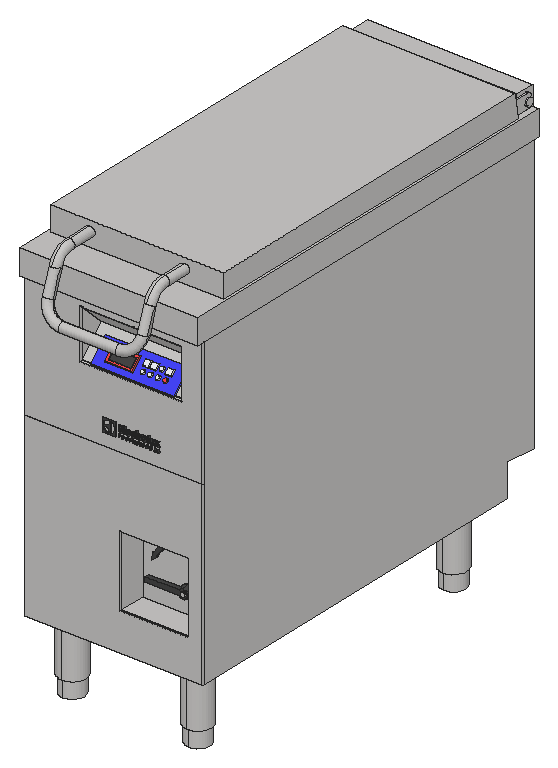
Revit family "QF_ELECTROLUXPROFESSIONAL_391350_E9PCEDRMC2", category Specialty Equipment, Revit 2018
Family settings
  Round Connector Dimension = Use Diameter
  Part Type = Normal
  Work Plane-Based = No
  Always vertical = Yes
  Cut with Voids When Loaded = No
  Shared = No
  Room Calculation Point = No
Parameters
  Weight = 55.00 kg
  Watts = 0 W
  Volts = 0 V
  URL Manufacturer = ""
  URL = ""
  Steam Supply Size = 0 mm
  Steam Supply Minimum Pressure = 0.0 Pa
  Steam Supply Maximum Pressure = 0.0 Pa
  Steam Pounds per Hour = 0
  Refrigeration Suction Line Size = 0 mm
  Refrigeration Liquid Line Size = 0 mm
  Refrigerant Compressor Remote = yes
  Manufacturer = ""
  Phase = 0
  Model = ""
  Length Actual = 375 mm  # constant formula
  Item Number = ""
  Hot Water Size = 0 mm
  Height Actual = 850 mm  # constant formula
  HP = "6.7 HP"
  Gas Size = 0 mm
  Gas KW = 0
  Gas Input Pressure = 0 W
  Direct Waste Size = 19.05 mm
  Description = ""
  Depth Actual = 910 mm  # constant formula
  Cycle = 0 Hz
  Condensate Return Size = 0 mm
  Compressed Air Volume = 0.0 L/s
  Compressed Air Size = 0 mm
  Compressed Air Pressure = 0.0 Pa
  Cold Water Size = 0 mm
  Accessory = yes
Reference planes
  plane 1 "Center (Front/Back)": y = 137.5
  plane 2: z = 0
  plane 3 "Center (Left/Right)": x = 0
  plane 4 "TOP": z = 901
  plane 5 "FRONT": y = -312.5
  plane 6 "BACK": y = 587.5
  plane 7 "LEFT": x = -187.5
  plane 8 "RIGHT": x = 187.5
  plane 9 "FEET": z = 150
  plane 10: y = -247.5
  plane 11 "DrainX": y = -135.5
  plane 12 "FbY": y = 431.5
  plane 13 "FfY": y = -242.5
  plane 14 "FLr": x = 132.5
  plane 15 "FLx": x = -132.5
  plane 16 "PLAN": z = 850
  plane 17 "DrainY": x = 52.5
  plane 18 "C1": x = -100
  plane 19 "C2": x = 100
  plane 20 "MAN": through (0, -359.5, 765.7) normal (0, 0.9397, -0.342)
  plane 21 "BOX": y = -240
  plane 22 "EIy": x = -52.5
  plane 23 "CWIy": x = 52.5
  plane 24 "EIz": z = 178
  plane 25: z = 1749
  plane 26 "PANEL": through (0, -300, 671.172) normal (0, 0.7071, -0.7071)
Forms (mm)
  Extrusion 1, solid, material "QF_Finishes_Stainless Steel"
    sketch origin (33, 0, 150) x (-1, 0, 0) y (0, -1, 0)
      loop
        circle (33, 135.5) r 9.525
    from -2 to 0
  Extrusion 2, solid, material "QF_Finishes_Stainless Steel"
    sketch origin (0, 0, 0) x (0, 1, 0) y (-1, 0, 0)
      loop
        circle (431.5, -132.5) r 25
      loop
        circle (-242.5, -132.5) r 25
      loop
        circle (-242.5, 132.5) r 25
      loop
        circle (431.5, 132.5) r 25
    from 34.992 to 0
  Extrusion 3, solid, material "QF_Finishes_Stainless Steel"
    sketch origin (0, 0, 0) x (0, 1, 0) y (-1, 0, 0)
      loop
        circle (431.5, -132.5) r 28.5
      loop
        circle (-242.5, -132.5) r 28.5
      loop
        circle (-242.5, 132.5) r 28.5
      loop
        circle (431.5, 132.5) r 28.5
    from 34.992 to 150
  Extrusion 4, solid, material "QF_Finishes_Black"
    sketch origin (-99.821, -312.5, 204.426) x (-1, 0, 0) y (0, 0, 1)
      loop
        arc (-95.224, 378.018) -> (-104.404, 365.602) -> (-95.224, 353.185) r 12.987
        line (-95.224, 353.185) -> (-95.224, 378.018)
      loop
        line (-94.268, 378.098) -> (-94.268, 376.124)
        arc (-94.268, 376.124) -> (-90.851, 369.664) -> (-84.269, 366.489) r 11.707
        line (-84.269, 366.489) -> (-78.669, 366.489)
        arc (-78.669, 366.489) -> (-83.8, 375.879) -> (-94.268, 378.098) r 12.809
      loop
        line (-93.961, 354.984) -> (-93.961, 352.866)
        arc (-93.961, 352.866) -> (-83.625, 355.456) -> (-78.658, 364.882) r 13.06
        line (-78.658, 364.882) -> (-82.766, 364.882)
        arc (-82.766, 364.882) -> (-90.106, 361.903) -> (-93.961, 354.984) r 11.93
      loop
        line (-77.715, 379.374) -> (-105.353, 379.374) -> (-105.353, 351.774) -> (-77.715, 351.774) -> (-77.715, 379.374)
    from 10.9 to 12.5
  Extrusion 5, solid, material "QF_Finishes_Black"
    sketch origin (102.623, -312.5, 210.245) x (-1, 0, 0) y (0, 0, 1)
      loop
        line (81.784, 371.728) -> (81.784, 369.516) -> (87.894, 369.516) -> (87.894, 366.286) -> (82.149, 366.286) -> (82.149, 364.068) -> (87.894, 364.068) -> (87.894, 362.114)
        arc (87.894, 362.114) -> (87.296, 360.758) -> (85.892, 360.284) r 1.838
        line (85.892, 360.284) -> (81.62, 360.284) -> (81.62, 358.073) -> (86.443, 358.073)
        arc (86.443, 358.073) -> (89.131, 359.187) -> (90.245, 361.875) r 3.802
        line (90.245, 361.875) -> (90.245, 371.728) -> (81.784, 371.728)
      loop
        line (79.949, 371.728) -> (77.598, 371.728) -> (77.598, 358.073) -> (79.949, 358.073) -> (79.949, 371.728)
      loop
        line (28.869, 371.728) -> (26.516, 371.728) -> (26.516, 358.073) -> (28.869, 358.073) -> (28.869, 371.728)
      loop
        arc (73.708, 362.434) -> (73.264, 360.942) -> (71.968, 360.079) r 2.29
        arc (71.968, 360.079) -> (69.843, 359.894) -> (68.014, 360.992) r 3.458
        line (68.014, 360.992) -> (66.621, 359.598)
        arc (66.621, 359.598) -> (68.772, 358.15) -> (71.338, 357.772) r 5.86
        arc (71.338, 357.772) -> (74.634, 359.137) -> (76, 362.434) r 4.662
        arc (76, 362.434) -> (74.962, 366.376) -> (71.326, 368.22) r 4.976
        arc (71.326, 368.22) -> (67.198, 366.674) -> (65.991, 362.434) r 4.89
        line (65.991, 362.434) -> (73.708, 362.434)
      loop
        arc (73.649, 364.087) -> (72.614, 365.736) -> (70.73, 366.227) r 2.64
        arc (70.73, 366.227) -> (69.097, 365.651) -> (68.353, 364.087) r 2.256
        line (68.353, 364.087) -> (73.649, 364.087)
      loop
        arc (56.823, 365.072) -> (58.716, 366.107) -> (60.848, 365.782) r 3.369
        arc (60.848, 365.782) -> (62.181, 364.369) -> (62.339, 362.434) r 2.933
        arc (62.339, 362.434) -> (60.068, 359.986) -> (56.898, 361.035) r 3.088
        line (56.898, 361.035) -> (55.429, 359.566)
        arc (55.429, 359.566) -> (61.646, 358.281) -> (64.682, 363.856) r 5.33
        arc (64.682, 363.856) -> (62.881, 367.035) -> (59.448, 368.289) r 5.293
        arc (59.448, 368.289) -> (57.198, 367.889) -> (55.346, 366.548) r 5.117
        line (55.346, 366.548) -> (56.823, 365.072)
      loop
        line (53.902, 371.728) -> (51.549, 371.728) -> (51.549, 367.949) -> (49.413, 367.949) -> (49.413, 365.812) -> (51.549, 365.812) -> (51.549, 362.434)
        arc (51.549, 362.434) -> (51.347, 361.352) -> (50.591, 360.553) r 1.949
        arc (50.591, 360.553) -> (50.002, 360.319) -> (49.369, 360.271) r 2.118
        line (49.369, 360.271) -> (49.369, 358.067)
        arc (49.369, 358.067) -> (51.495, 358.348) -> (53.174, 359.682) r 4.018
        arc (53.174, 359.682) -> (53.698, 360.997) -> (53.902, 362.397) r 6.031
        line (53.902, 362.397) -> (53.902, 371.728)
      loop
        line (45.102, 363.264) -> (45.102, 358.073) -> (47.434, 358.073) -> (47.434, 367.949) -> (45.102, 367.949) -> (45.102, 366.525)
        arc (45.102, 366.525) -> (43.525, 367.878) -> (41.456, 368.073) r 3.432
        line (41.456, 368.073) -> (41.456, 365.812)
        arc (41.456, 365.812) -> (43.04, 365.845) -> (44.448, 365.122) r 3.231
        arc (44.448, 365.122) -> (44.934, 364.249) -> (45.102, 363.264) r 2.967
      loop
        circle (35.705, 363.009) r 5.233
      loop
        circle (35.705, 363.009) r 3.172
      loop
        line (18.033, 362.186) -> (18.033, 367.949) -> (15.663, 367.949) -> (15.663, 362.087)
        arc (15.663, 362.087) -> (16.976, 358.946) -> (20.19, 357.823) r 4.181
        arc (20.19, 357.823) -> (23.368, 358.913) -> (24.717, 361.99) r 4.181
        line (24.717, 361.99) -> (24.717, 367.949) -> (22.346, 367.949) -> (22.346, 362.186)
        arc (22.346, 362.186) -> (21.765, 360.589) -> (20.19, 359.953) r 2.088
        arc (20.19, 359.953) -> (18.614, 360.589) -> (18.033, 362.186) r 2.088
      loop
        line (14.241, 367.949) -> (11.697, 367.949) -> (9.567, 365.017) -> (7.404, 367.949) -> (4.836, 367.949) -> (8.219, 363.365) -> (4.52, 358.07) -> (7.032, 358.07) -> (9.559, 361.549) -> (12.05, 358.07) -> (14.578, 358.07) -> (10.826, 363.312) -> (14.241, 367.949)
      loop
        arc (88.922, 352.413) -> (87.368, 350.995) -> (88.637, 349.317) r 1.561
        line (88.637, 349.317) -> (89.771, 349.317) -> (89.771, 347.69) -> (90.797, 347.69) -> (90.797, 352.413) -> (88.922, 352.413)
      loop
        line (88.681, 350.245) -> (89.771, 350.245) -> (89.771, 351.459) -> (88.681, 351.459)
        arc (88.681, 351.459) -> (88.293, 350.852) -> (88.681, 350.245) r 0.668
      loop
        arc (81.512, 352.413) -> (80.423, 351.969) -> (79.954, 350.891) r 1.559
        arc (79.954, 350.891) -> (80.103, 350.213) -> (80.548, 349.682) r 1.458
        line (80.548, 349.682) -> (79.62, 347.69) -> (80.722, 347.69) -> (81.401, 349.317) -> (82.394, 349.317) -> (82.394, 347.69) -> (83.42, 347.69) -> (83.42, 352.413) -> (81.512, 352.413)
      loop
        line (82.394, 351.459) -> (81.304, 351.459)
        arc (81.304, 351.459) -> (80.916, 350.852) -> (81.304, 350.245) r 0.668
        line (81.304, 350.245) -> (82.394, 350.245) -> (82.394, 351.459)
      loop
        circle (73.591, 350.052) r 2.453
      loop
        circle (73.591, 350.052) r 1.557
      loop
        line (67.107, 352.413) -> (64.158, 352.413) -> (64.158, 351.395) -> (66.105, 351.395) -> (66.105, 350.399) -> (64.328, 350.399) -> (64.328, 349.341) -> (66.105, 349.341) -> (66.105, 347.69) -> (67.107, 347.69) -> (67.107, 352.413)
      loop
        line (60.175, 352.413) -> (57.187, 352.413) -> (57.187, 351.521) -> (59.205, 351.521) -> (59.205, 350.591) -> (57.318, 350.591) -> (57.318, 349.699) -> (59.205, 349.699)
        arc (59.205, 349.699) -> (59.102, 349.022) -> (58.574, 348.586) r 0.961
        line (58.574, 348.586) -> (57.141, 348.586) -> (57.141, 347.694) -> (58.665, 347.694)
        arc (58.665, 347.694) -> (59.74, 348.144) -> (60.175, 349.224) r 1.51
        line (60.175, 349.224) -> (60.175, 352.413)
      loop
        line (43.076, 351.815) -> (43.615, 351.106)
        arc (43.615, 351.106) -> (44.027, 351.472) -> (44.562, 351.601) r 1.135
        arc (44.562, 351.601) -> (45.009, 351.244) -> (44.7, 350.763) r 0.427
        arc (44.7, 350.763) -> (44.164, 350.562) -> (43.642, 350.329) r 9.371
        arc (43.642, 350.329) -> (43.229, 350.06) -> (42.907, 349.687) r 1.779
        arc (42.907, 349.687) -> (42.757, 348.879) -> (43.047, 348.109) r 1.535
        arc (43.047, 348.109) -> (43.702, 347.761) -> (44.429, 347.616) r 2.556
        arc (44.429, 347.616) -> (45.018, 347.675) -> (45.562, 347.907) r 1.957
        arc (45.562, 347.907) -> (46.041, 348.341) -> (46.339, 348.915) r 1.815
        line (46.339, 348.915) -> (45.513, 349.3)
        arc (45.513, 349.3) -> (45.278, 348.889) -> (44.894, 348.613) r 1.118
        arc (44.894, 348.613) -> (44.45, 348.5) -> (44.004, 348.605) r 0.963
        arc (44.004, 348.605) -> (43.764, 349.087) -> (44.112, 349.498) r 0.489
        arc (44.112, 349.498) -> (44.664, 349.765) -> (45.246, 349.959) r 4.78
        arc (45.246, 349.959) -> (45.937, 350.786) -> (45.826, 351.858) r 1.385
        arc (45.826, 351.858) -> (45.225, 352.312) -> (44.493, 352.491) r 1.872
        arc (44.493, 352.491) -> (43.701, 352.328) -> (43.076, 351.815) r 1.69
      loop
        line (38.743, 352.413) -> (37.773, 352.413) -> (37.773, 347.694) -> (38.743, 347.694) -> (38.743, 352.413)
      loop
        circle (31.231, 350.053) r 1.468
      loop
        circle (31.231, 350.053) r 2.451
      loop
        line (24.722, 347.694) -> (24.722, 352.413) -> (23.778, 352.413) -> (21.619, 349.356) -> (21.619, 352.413) -> (20.639, 352.413) -> (20.639, 347.694) -> (21.582, 347.694) -> (23.741, 350.661) -> (23.741, 347.694) -> (24.722, 347.694)
      loop
        line (15.747, 347.694) -> (16.789, 347.694) -> (14.943, 352.413) -> (14.033, 352.413) -> (12.04, 347.694) -> (13.083, 347.694) -> (13.542, 348.712) -> (15.288, 348.712) -> (15.747, 347.694)
      loop
        line (13.977, 349.68) -> (14.899, 349.68) -> (14.445, 350.717) -> (13.977, 349.68)
      loop
        line (7.22, 348.586) -> (5.406, 348.586) -> (5.406, 347.694) -> (8.191, 347.694) -> (8.191, 352.413) -> (7.22, 352.413) -> (7.22, 348.586)
      loop
        line (50.15, 351.815) -> (50.689, 351.106)
        arc (50.689, 351.106) -> (51.101, 351.472) -> (51.637, 351.601) r 1.135
        arc (51.637, 351.601) -> (52.084, 351.244) -> (51.774, 350.763) r 0.427
        arc (51.774, 350.763) -> (51.239, 350.562) -> (50.717, 350.329) r 9.371
        arc (50.717, 350.329) -> (50.304, 350.06) -> (49.981, 349.687) r 1.779
        arc (49.981, 349.687) -> (49.832, 348.879) -> (50.121, 348.109) r 1.535
        arc (50.121, 348.109) -> (50.776, 347.761) -> (51.504, 347.616) r 2.556
        arc (51.504, 347.616) -> (52.092, 347.675) -> (52.636, 347.907) r 1.957
        arc (52.636, 347.907) -> (53.116, 348.341) -> (53.413, 348.915) r 1.815
        line (53.413, 348.915) -> (52.587, 349.3)
        arc (52.587, 349.3) -> (52.352, 348.889) -> (51.969, 348.613) r 1.118
        arc (51.969, 348.613) -> (51.525, 348.5) -> (51.078, 348.605) r 0.963
        arc (51.078, 348.605) -> (50.838, 349.087) -> (51.187, 349.498) r 0.489
        arc (51.187, 349.498) -> (51.739, 349.765) -> (52.32, 349.959) r 4.78
        arc (52.32, 349.959) -> (53.012, 350.786) -> (52.901, 351.858) r 1.385
        arc (52.901, 351.858) -> (52.299, 352.312) -> (51.568, 352.491) r 1.872
        arc (51.568, 352.491) -> (50.776, 352.328) -> (50.15, 351.815) r 1.69
    from 12.5 to 10.9
  Extrusion 6, solid, material "QF_Finishes_Stainless Steel"
    sketch origin (80, 587.5, -167) x (-1, 0, 0) y (0, 0, 1)
      loop
        circle (132.5, 345) r 10
    from -81.229 to -85
  Extrusion 7, solid, material "QF_Finishes_Stainless Steel"
    sketch origin (0, 0, 0) x (0, 1, 0) y (0, 0, 1)
      loop
        line (574.512, 797.7) -> (-297, 797.7) -> (-297, 150) -> (502.5, 150) -> (502.5, 220.528) -> (574.512, 213.385) -> (574.512, 797.7)
    from 187.5 to -187.5
  Extrusion 8, solid, material "QF_Finishes_Stainless Steel"
    sketch origin (0, 0, 0) x (0, 1, 0) y (0, 0, 1)
      loop
        line (587.5, 797.7) -> (587.5, 850) -> (-312.5, 850) -> (-312.5, 797.7) -> (587.5, 797.7)
    from -187.5 to 187.5
  Extrusion 9, solid, material "QF_Finishes_Stainless Steel"
    sketch origin (0, 0, 0) x (0, 1, 0) y (0, 0, 1)
      loop
        line (540.352, 850) -> (531.359, 901) -> (-237.5, 901) -> (-237.5, 850) -> (540.352, 850)
    from -182 to 182
  Extrusion 10, solid, material "QF_Finishes_Stainless Steel"
    sketch origin (0, 0, 0) x (0, 1, 0) y (0, 0, 1)
      loop
        line (-297, 530) -> (-300, 530) -> (-300, 150) -> (-297, 150) -> (-297, 530)
    from 187.5 to -187.5
  Extrusion 11, solid, material "QF_Finishes_Stainless Steel"
    sketch origin (0, 0, 0) x (0, 1, 0) y (0, 0, 1)
      loop
        line (-297, 530) -> (-297, 797.7) -> (-300, 797.7) -> (-300, 530) -> (-297, 530)
    from 187.5 to -187.5
  Sweep 12, solid, material "QF_Finishes_Stainless Steel"
    path origin (-100, 0, 0) x (0, 0, -1) y (0, -1, 0)
      loop
        line (-879.2, 237.5) -> (-879.2, 290.181)
        arc (-879.2, 290.181) -> (-871.966, 313.124) -> (-852.881, 327.769) r 40
    profile origin (-100, -263.841, 879.2) x (0, 0, 1) y (-1, 0, 0)
      loop
        circle (0, 0) r 10
  Sweep 13, solid, material "QF_Finishes_Stainless Steel"
    path origin (100, 0, 0) x (0, 0, -1) y (0, -1, 0)
      loop
        line (-879.2, 237.5) -> (-879.2, 290.181)
        arc (-879.2, 290.181) -> (-871.948, 313.15) -> (-852.821, 327.791) r 40
    profile origin (100, -263.841, 879.2) x (0, 0, 1) y (-1, 0, 0)
      loop
        circle (0, 0) r 10
  Sweep 14, solid, material "QF_Finishes_Stainless Steel"
    path origin (0, -549.934, 242.488) x (0, -0.34202, -0.939693) y (-1, 0, 0)
      loop
        line (-649.487, -100) -> (-596.566, -100)
        arc (-596.566, -100) -> (-568.282, -88.284) -> (-556.566, -60) r 40
        line (-556.566, -60) -> (-556.566, 60)
        arc (-556.566, 60) -> (-568.282, 88.284) -> (-596.566, 100) r 40
        line (-596.566, 100) -> (-649.567, 100)
    profile origin (0, -359.577, 765.489) x (0, 0.34202, 0.939693) y (0, 0.939693, -0.34202)
      loop
        circle (0, 0) r 10
  Extrusion 15, void
    sketch origin (0, 0, 0) x (0, 1, 0) y (0, 0, 1)
      loop
        line (-300, 777.172) -> (-300, 671.172) -> (-247, 724.172) -> (-300, 777.172)
    from -70 to 145
  Extrusion 16, void
    sketch origin (0, 0, 0) x (0, 1, 0) y (0, 0, 1)
      loop
        line (-240, 230) -> (-240, 380) -> (-300, 380) -> (-300, 230) -> (-240, 230)
    from 14 to 158
  Blend 17, solid, material "QF_Finishes_Black"
    base sketch origin (0, -240, 0) x (0, 0, 1) y (-1, 0, 0)
      loop
        circle (278, -114) r 12.025
    top sketch origin (0, -240, 0) x (0, 0, 1) y (-1, 0, 0)
      loop
        circle (278, -114) r 9.25
    from 7.5 to 18.63
  Extrusion 18, solid, material "QF_Finishes_Black"
    sketch origin (0, -240, 0) x (0, 0, 1) y (-1, 0, 0)
      loop
        line (272, -106.648) -> (284, -106.648) -> (282.724, -33.539) -> (273.276, -33.539) -> (272, -106.648)
    from 18.63 to 9.692
  Extrusion 19, solid, material "QF_Finishes_Black"
    sketch origin (0, -240, 0) x (0, 0, 1) y (-1, 0, 0)
      loop
        arc (287.874, -123.875) -> (290, -114) -> (287.874, -104.125) r 24
        arc (287.874, -104.125) -> (278, -102) -> (268.126, -104.125) r 24
        arc (268.126, -104.125) -> (266, -114) -> (268.126, -123.875) r 24
        arc (268.126, -123.875) -> (278, -126) -> (287.874, -123.875) r 24
    from 0 to 7.5
  Extrusion 20, solid, material "QF_Finishes_Stainless Steel"
    sketch origin (0, -240, 0) x (0, 0, 1) y (-1, 0, 0)
      loop
        circle (278, -114) r 5
    from 19.512 to 18.63
  Extrusion 21, solid, material "QF_Finishes_Black"
    sketch origin (0, -240, 0) x (0, 0, 1) y (-1, 0, 0)
      loop
        line (343.532, -68.114) -> (341.894, -69.261) -> (353.826, -77.855) -> (351.724, -62.378) -> (350.086, -63.525)
        arc (350.086, -63.525) -> (337.452, -49.12) -> (322, -37.79) r 88
        line (322, -37.79) -> (323, -36.058) -> (307.399, -35.313) -> (317, -46.45) -> (318, -44.718)
        arc (318, -44.718) -> (332.047, -55.018) -> (343.532, -68.114) r 80
    from 2 to 0
  Extrusion 22, solid, material "QF_Finishes_Stainless Steel"
    sketch origin (0, 0, 0) x (0, 1, 0) y (0, 0, 1)
      loop
        line (587.5, 890.2) -> (547.5, 890.2) -> (547.5, 850) -> (587.5, 850) -> (587.5, 890.2)
    from 174 to -174
  Extrusion 23, solid, material "QF_Finishes_Stainless Steel"
    sketch origin (0, 0, 0) x (0, 1, 0) y (0, 0, 1)
      loop
        line (567.695, 885.2) -> (534.145, 885.2) -> (539.461, 855.052) -> (567.701, 855.2)
        arc (567.701, 855.2) -> (572.559, 856.849) -> (575.417, 861.109) r 8
        line (575.417, 861.109) -> (576.149, 863.841) -> (573.793, 865.1)
        arc (573.793, 865.1) -> (559.4, 870.2) -> (573.793, 875.3) r 8.1
        line (573.793, 875.3) -> (576.149, 876.559) -> (575.417, 879.291)
        arc (575.417, 879.291) -> (572.557, 883.553) -> (567.695, 885.2) r 8
    from 180 to 175.8
  Extrusion 24, solid, material "QF_Finishes_Stainless Steel"
    sketch origin (0, 0, 0) x (0, 1, 0) y (0, 0, 1)
      loop
        circle (567.5, 870.2) r 8.1
    from 174 to 185
  Extrusion 25, solid, material "QF_Finishes_Stainless Steel"
    sketch origin (0, 0, 0) x (0, 1, 0) y (0, 0, 1)
      loop
        line (567.695, 885.2) -> (534.145, 885.2) -> (539.461, 855.052) -> (567.701, 855.2)
        arc (567.701, 855.2) -> (572.559, 856.849) -> (575.417, 861.109) r 8
        line (575.417, 861.109) -> (576.149, 863.841) -> (573.793, 865.1)
        arc (573.793, 865.1) -> (559.4, 870.2) -> (573.793, 875.3) r 8.1
        line (573.793, 875.3) -> (576.149, 876.559) -> (575.417, 879.291)
        arc (575.417, 879.291) -> (572.557, 883.553) -> (567.695, 885.2) r 8
    from -180 to -175.8
  Extrusion 26, solid, material "QF_Finishes_Stainless Steel"
    sketch origin (0, 0, 0) x (0, 1, 0) y (0, 0, 1)
      loop
        circle (567.5, 870.2) r 8.1
    from -174 to -185
  Extrusion 27, solid, material "QF_Finishes_Stainless Steel"
    sketch origin (0, 587.5, 0) x (-1, 0, 0) y (0, 0, 1)
      loop
        circle (-52.5, 178) r 9.55
    from -85 to -79.048
  Extrusion 28, solid, material "QF_Door-Drawer Clearances", detail levels coarse
    sketch origin (0, -419.929, 1193.139) x (0, 0.258819, -0.965926) y (0, 0.965926, 0.258819)
      loop
        line (540.352, 850) -> (531.359, 901) -> (-237.5, 901) -> (-237.5, 850) -> (540.352, 850)
    from -182 to 182
  Sweep 29, solid, material "QF_Door-Drawer Clearances", detail levels coarse
    path origin (-100, -419.929, 1193.139) x (0, -0.965926, -0.258819) y (0, -0.258819, 0.965926)
      loop
        line (-879.2, 237.5) -> (-879.2, 290.181)
        arc (-879.2, 290.181) -> (-871.966, 313.124) -> (-852.881, 327.769) r 40
    profile origin (-100, 361.027, 1675.543) x (0, 0.965926, 0.258819) y (-1, 0, 0)
      loop
        circle (0, 0) r 10
  Sweep 30, solid, material "QF_Door-Drawer Clearances", detail levels coarse
    path origin (0, -328.036, 1787.094) x (0, -0.996195, 0.087155) y (-1, 0, 0)
      loop
        line (-649.487, -100) -> (-596.566, -100)
        arc (-596.566, -100) -> (-568.282, -88.284) -> (-556.566, -60) r 40
        line (-556.566, -60) -> (-556.566, 60)
        arc (-556.566, 60) -> (-568.282, 88.284) -> (-596.566, 100) r 40
        line (-596.566, 100) -> (-649.567, 100)
    profile origin (0, 226.412, 1738.586) x (0, 0.996195, -0.087155) y (0, -0.087155, -0.996195)
      loop
        circle (0, 0) r 10
  Sweep 31, solid, material "QF_Door-Drawer Clearances", detail levels coarse
    path origin (100, -419.929, 1193.139) x (0, -0.965926, -0.258819) y (0, -0.258819, 0.965926)
      loop
        line (-879.2, 237.5) -> (-879.2, 290.181)
        arc (-879.2, 290.181) -> (-871.966, 313.124) -> (-852.881, 327.769) r 40
    profile origin (100, 361.027, 1675.543) x (0, 0.965926, 0.258819) y (-1, 0, 0)
      loop
        circle (0, 0) r 10
Cuts and joins
  Extrusion 15, Extrusion 16 cuts Extrusion 7
  Extrusion 15 cuts Extrusion 11
  Extrusion 16 cuts Extrusion 10
  joined: Blend 17, Extrusion 18
Lines and regions (mm)
  symbolic lines, detail levels coarse
    curve 1: line (187.5, 587.5, 0) -> (-187.5, 587.5, 0)
    curve 2: line (-187.5, 587.5, 0) -> (-187.5, -312.5, 0)
    curve 3: line (187.5, -312.5, 0) -> (187.5, 587.5, 0)
    curve 4: line (182, -237.5, 0) -> (182, 540.352, 0)
    curve 5: line (-182, 540.352, 0) -> (-182, -237.5, 0)
    curve 6: line (-187.5, -312.5, 0) -> (-110, -312.5, 0)
    curve 7: line (-110, -237.5, 0) -> (-110, -346.536, 0)
    curve 8: line (-90, -237.5, 0) -> (-90, -343.828, 0)
    curve 9: line (-59.839, -349.653, 0) -> (59.839, -349.653, 0)
    curve 10: line (-59.839, -369.653, 0) -> (59.839, -369.653, 0)
    curve 11: line (110, -237.5, 0) -> (110, -346.536, 0)
    curve 12: line (90, -237.5, 0) -> (90, -343.828, 0)
    curve 13: arc (-59.839, -349.653, 0) -> (-75.198, -348.183, 0) -> (-90, -343.828, 0) r 81.001
    curve 14: arc (-59.839, -369.653, 0) -> (-82.339, -366.89, 0) -> (-103.502, -358.767, 0) r 93.005
    curve 15: arc (-103.502, -358.767, 0) -> (-108.275, -353.461, 0) -> (-110, -346.536, 0) r 14.758
    curve 16: arc (59.839, -349.653, 0) -> (75.198, -348.183, 0) -> (90, -343.828, 0) r 81.001
    curve 17: arc (59.839, -369.653, 0) -> (82.339, -366.89, 0) -> (103.502, -358.767, 0) r 93.005
    curve 18: arc (103.502, -358.767, 0) -> (108.275, -353.461, 0) -> (110, -346.536, 0) r 14.758
    curve 19: line (-90, -312.5, 0) -> (90, -312.5, 0)
    curve 20: line (110, -312.5, 0) -> (187.5, -312.5, 0)
    curve 21: line (-182, -237.5, 0) -> (182, -237.5, 0)
    curve 22: line (-187.5, -300, 0) -> (-110, -300, 0)
    curve 23: line (-90, -300, 0) -> (90, -300, 0)
    curve 24: line (110, -300, 0) -> (187.5, -300, 0)
    curve 25: line (-174, 547.5, 0) -> (174, 547.5, 0)
    curve 26: line (174, 547.5, 0) -> (174, 587.5, 0)
    curve 27: line (-174, 587.5, 0) -> (-174, 547.5, 0)
    curve 28: line (-175.8, 540.962, 0) -> (-175.8, 576.149, 0)
    curve 29: line (-180, 576.149, 0) -> (-180, 540.962, 0)
    curve 30: line (-180, 576.149, 0) -> (-175.8, 576.149, 0)
    curve 31: line (-185, 575.6, 0) -> (-185, 559.4, 0)
    curve 32: line (-185, 575.6, 0) -> (-180, 575.6, 0)
    curve 33: line (-185, 559.4, 0) -> (-180, 559.4, 0)
    curve 34: line (-175.8, 559.4, 0) -> (-174, 559.4, 0)
    curve 35: line (-175.8, 575.6, 0) -> (-174, 575.6, 0)
    curve 36: line (-182, 540.352, 0) -> (182, 540.352, 0)
    curve 37: line (175.8, 540.962, 0) -> (175.8, 576.149, 0)
    curve 38: line (180, 576.149, 0) -> (180, 540.962, 0)
    curve 39: line (180, 576.149, 0) -> (175.8, 576.149, 0)
    curve 40: line (185, 575.6, 0) -> (185, 559.4, 0)
    curve 41: line (185, 575.6, 0) -> (180, 575.6, 0)
    curve 42: line (185, 559.4, 0) -> (180, 559.4, 0)
    curve 43: line (175.8, 559.4, 0) -> (174, 559.4, 0)
    curve 44: line (175.8, 575.6, 0) -> (174, 575.6, 0)
Dimensions and locks
  equal spacing: plane 7 "LEFT", plane 3 "Center (Left/Right)", plane 8 "RIGHT"
  plane 7 "LEFT" to plane 8 "RIGHT" = 375 mm
  plane 6 "BACK" to plane 5 "FRONT" = 900 mm
  plane 4 "TOP" to plane 2 = 901 mm
  equal spacing: plane 8 "RIGHT", plane 3 "Center (Left/Right)", plane 7 "LEFT"
  plane 8 "RIGHT" to plane 7 "LEFT" = 375 mm
  plane 7 "LEFT" to plane 15 "FLx" = 55 mm
  plane 14 "FLr" to plane 8 "RIGHT" = 55 mm
  plane 6 "BACK" to plane 12 "FbY" = 156 mm
  plane 13 "FfY" to plane 5 "FRONT" = 70 mm
  locked: plane 10 to plane 5 "FRONT" at 65
  locked: plane 9 "FEET" to level at 150
  plane 4 "TOP" to plane 16 "PLAN" = 51 mm
  plane 11 "DrainX" to plane 5 "FRONT" = 177 mm
  plane 17 "DrainY" to plane 8 "RIGHT" = 135 mm
  plane 7 "LEFT" to plane 22 "EIy" = 135 mm
  plane 23 "CWIy" to plane 8 "RIGHT" = 135 mm
  plane 9 "FEET" to plane 24 "EIz" = 28 mm
  plane 25 to level = 1749 mm
  aligned and locked: level to plane 2
Automatic sketch dimensions
  Extrusion 1 sketch curve to plane 3 "Center (Left/Right)" = 0 mm
  Extrusion 1 sketch curve to plane 11 "DrainX" = 0 mm
  Extrusion 2 sketch curve to plane 13 "FfY" = 0 mm  (x2)
  Extrusion 2 sketch curve to plane 12 "FbY" = 0 mm  (x2)
  Extrusion 2 sketch curve to plane 14 "FLr" = 0 mm  (x2)
  Extrusion 2 sketch curve to plane 15 "FLx" = 0 mm  (x2)
  Extrusion 3 sketch curve to plane 13 "FfY" = 0 mm  (x2)
  Extrusion 3 sketch curve to plane 12 "FbY" = 0 mm  (x2)
  Extrusion 3 sketch curve to plane 14 "FLr" = 0 mm  (x2)
  Extrusion 3 sketch curve to plane 15 "FLx" = 0 mm  (x2)
  plane 3 "Center (Left/Right)" to Extrusion 4 sketch curve = 5.532 mm
  Extrusion 4 sketch curve to plane 3 "Center (Left/Right)" = 4.597 mm
  Extrusion 4 sketch curve to Extrusion 4 sketch curve = 0.956 mm
  Extrusion 4 sketch curve to Extrusion 4 sketch curve = 1.263 mm
  Extrusion 4 sketch curve to plane 3 "Center (Left/Right)" = 8.13 mm
  Extrusion 4 sketch curve to Extrusion 4 sketch curve = 0.243 mm
  Extrusion 4 sketch curve to Extrusion 4 sketch curve = 0.031 mm
  Extrusion 4 sketch curve to Extrusion 4 sketch curve = 7.148 mm
  Extrusion 4 sketch curve to Extrusion 4 sketch curve = 1.502 mm
  Extrusion 4 sketch curve to Extrusion 4 sketch curve = 11.54 mm
  Extrusion 4 sketch curve to Extrusion 4 sketch curve = 11.758 mm
  Extrusion 4 sketch curve to Extrusion 4 sketch curve = 4.097 mm
  Extrusion 4 sketch curve to Extrusion 4 sketch curve = 0.011 mm
  Extrusion 4 sketch curve to Extrusion 4 sketch curve = 4.488 mm
  Extrusion 4 sketch curve to plane 16 "PLAN" = 293.8 mm
  Extrusion 4 sketch curve to Extrusion 4 sketch curve = 1.093 mm
  Extrusion 4 sketch curve to Extrusion 4 sketch curve = 1.192 mm
  Extrusion 4 sketch curve to Extrusion 4 sketch curve = 0.319 mm
  Extrusion 4 sketch curve to Extrusion 4 sketch curve = 2.117 mm
  Extrusion 4 sketch curve to Extrusion 4 sketch curve = 0.126 mm
  Extrusion 4 sketch curve to Extrusion 4 sketch curve = 0.002 mm
  Extrusion 4 sketch curve to Extrusion 4 sketch curve = 1.607 mm
  Extrusion 4 sketch curve to Extrusion 4 sketch curve = 1.975 mm
  Extrusion 4 sketch curve to Extrusion 4 sketch curve = 1.355 mm
  Extrusion 5 sketch curve to Extrusion 5 sketch curve = 0 mm  (x40)
  plane 19 "C2" to Extrusion 5 sketch curve = 1.897 mm
  plane 19 "C2" to Extrusion 5 sketch curve = 2.214 mm
  plane 19 "C2" to Extrusion 5 sketch curve = 2.783 mm
  Extrusion 5 sketch curve to Extrusion 5 sketch curve = 2.512 mm
  Extrusion 5 sketch curve to Extrusion 5 sketch curve = 1.815 mm
  Extrusion 5 sketch curve to Extrusion 5 sketch curve = 2.567 mm
  Extrusion 5 sketch curve to Extrusion 5 sketch curve = 0.97 mm  (x3)
  Extrusion 5 sketch curve to Extrusion 5 sketch curve = 0.815 mm  (x2)
  Extrusion 5 sketch curve to Extrusion 5 sketch curve = 1.341 mm
  Extrusion 5 sketch curve to Extrusion 5 sketch curve = 1.348 mm
  Extrusion 5 sketch curve to Extrusion 5 sketch curve = 1.259 mm
  Extrusion 5 sketch curve to Extrusion 5 sketch curve = 2.13 mm
  Extrusion 5 sketch curve to Extrusion 5 sketch curve = 3.849 mm
  Extrusion 5 sketch curve to Extrusion 5 sketch curve = 2.49 mm
  Extrusion 5 sketch curve to Extrusion 5 sketch curve = 1.043 mm
  Extrusion 5 sketch curve to Extrusion 5 sketch curve = 0.46 mm  (x2)
  Extrusion 5 sketch curve to Extrusion 5 sketch curve = 0.435 mm  (x3)
  Extrusion 5 sketch curve to Extrusion 5 sketch curve = 0.055 mm  (x2)
  Extrusion 5 sketch curve to Extrusion 5 sketch curve = 2.544 mm
  Extrusion 5 sketch curve to Extrusion 5 sketch curve = 0.468 mm
  Extrusion 5 sketch curve to Extrusion 5 sketch curve = 2.528 mm
  Extrusion 5 sketch curve to Extrusion 5 sketch curve = 0.922 mm
  Extrusion 5 sketch curve to Extrusion 5 sketch curve = 0.91 mm
  Extrusion 5 sketch curve to Extrusion 5 sketch curve = 0.388 mm
  Extrusion 5 sketch curve to Extrusion 5 sketch curve = 1.422 mm
  Extrusion 5 sketch curve to Extrusion 5 sketch curve = 1.042 mm
  Extrusion 5 sketch curve to Extrusion 5 sketch curve = 2.371 mm
  Extrusion 5 sketch curve to Extrusion 5 sketch curve = 1.809 mm  (x2)
  Extrusion 5 sketch curve to Extrusion 5 sketch curve = 0.273 mm  (x2)
  Extrusion 5 sketch curve to Extrusion 5 sketch curve = 0.147 mm
  Extrusion 5 sketch curve to Extrusion 5 sketch curve = 5.696 mm
  Extrusion 5 sketch curve to Extrusion 5 sketch curve = 0.943 mm
  Extrusion 5 sketch curve to Extrusion 5 sketch curve = 0.037 mm  (x2)
  Extrusion 5 sketch curve to Extrusion 5 sketch curve = 2.122 mm
  Extrusion 5 sketch curve to Extrusion 5 sketch curve = 2.372 mm
  Extrusion 5 sketch curve to Extrusion 5 sketch curve = 0.944 mm
  Extrusion 5 sketch curve to Extrusion 5 sketch curve = 1.799 mm
  Extrusion 5 sketch curve to Extrusion 5 sketch curve = 2.353 mm
  Extrusion 5 sketch curve to Extrusion 5 sketch curve = 6.509 mm
  Extrusion 5 sketch curve to Extrusion 5 sketch curve = 6.836 mm
  Extrusion 5 sketch curve to Extrusion 5 sketch curve = 2.068 mm
  Extrusion 5 sketch curve to Extrusion 5 sketch curve = 5.751 mm
  Extrusion 5 sketch curve to Extrusion 5 sketch curve = 0.679 mm
  Extrusion 5 sketch curve to Extrusion 5 sketch curve = 0.728 mm
  Extrusion 5 sketch curve to Extrusion 5 sketch curve = 0.178 mm
  Extrusion 5 sketch curve to Extrusion 5 sketch curve = 4.332 mm
  Extrusion 5 sketch curve to Extrusion 5 sketch curve = 0.539 mm
  Extrusion 5 sketch curve to Extrusion 5 sketch curve = 0.634 mm
  Extrusion 5 sketch curve to Extrusion 5 sketch curve = 0.036 mm  (x2)
  Extrusion 5 sketch curve to Extrusion 5 sketch curve = 0.114 mm  (x2)
  Extrusion 5 sketch curve to Extrusion 5 sketch curve = 0.807 mm  (x2)
  Extrusion 5 sketch curve to Extrusion 5 sketch curve = 0.007 mm  (x2)
  Extrusion 5 sketch curve to Extrusion 5 sketch curve = 0.156 mm  (x2)
  Extrusion 5 sketch curve to Extrusion 5 sketch curve = 0.005 mm  (x2)
  Extrusion 5 sketch curve to Extrusion 5 sketch curve = 0.083 mm  (x2)
  Extrusion 5 sketch curve to Extrusion 5 sketch curve = 0.13 mm  (x3)
  Extrusion 5 sketch curve to Extrusion 5 sketch curve = 0.009 mm  (x2)
  Extrusion 5 sketch curve to Extrusion 5 sketch curve = 0.159 mm  (x2)
  Extrusion 5 sketch curve to Extrusion 5 sketch curve = 0.075 mm  (x2)
  Extrusion 5 sketch curve to Extrusion 5 sketch curve = 0.025 mm  (x2)
  Extrusion 5 sketch curve to Extrusion 5 sketch curve = 2.918 mm
  plane 17 "DrainY" to Extrusion 5 sketch curve = 5.021 mm
  Extrusion 5 sketch curve to Extrusion 5 sketch curve = 0.908 mm  (x2)
  Extrusion 5 sketch curve to Extrusion 5 sketch curve = 0.826 mm  (x2)
  Extrusion 5 sketch curve to Extrusion 5 sketch curve = 0.126 mm
  Extrusion 5 sketch curve to Extrusion 5 sketch curve = 2.333 mm
  plane 17 "DrainY" to Extrusion 5 sketch curve = 2.402 mm
  plane 17 "DrainY" to Extrusion 5 sketch curve = 2.25 mm
  plane 17 "DrainY" to Extrusion 5 sketch curve = 0.753 mm
  plane 17 "DrainY" to Extrusion 5 sketch curve = 0.709 mm
  plane 17 "DrainY" to Extrusion 5 sketch curve = 0.597 mm
  Extrusion 5 sketch curve to Extrusion 5 sketch curve = 0.085 mm
  plane 17 "DrainY" to Extrusion 5 sketch curve = 0.197 mm
  Extrusion 5 sketch curve to plane 17 "DrainY" = 0.027 mm
  Extrusion 5 sketch curve to plane 17 "DrainY" = 0.567 mm
  Extrusion 5 sketch curve to plane 17 "DrainY" = 1.201 mm
  Extrusion 5 sketch curve to plane 17 "DrainY" = 1.427 mm  (x2)
  Extrusion 5 sketch curve to plane 17 "DrainY" = 3.416 mm
  Extrusion 5 sketch curve to Extrusion 5 sketch curve = 2.352 mm  (x2)
  Extrusion 5 sketch curve to Extrusion 5 sketch curve = 1.257 mm
  Extrusion 5 sketch curve to Extrusion 5 sketch curve = 3.797 mm
  Extrusion 5 sketch curve to Extrusion 5 sketch curve = 1.528 mm
  Extrusion 5 sketch curve to Extrusion 5 sketch curve = 1.476 mm  (x2)
  Extrusion 5 sketch curve to Extrusion 5 sketch curve = 1.469 mm  (x2)
  Extrusion 5 sketch curve to Extrusion 5 sketch curve = 3.728 mm
  Extrusion 5 sketch curve to Extrusion 5 sketch curve = 0.046 mm
  Extrusion 5 sketch curve to Extrusion 5 sketch curve = 0.177 mm
  Extrusion 5 sketch curve to Extrusion 5 sketch curve = 0.947 mm
  Extrusion 5 sketch curve to Extrusion 5 sketch curve = 0.308 mm
  Extrusion 5 sketch curve to Extrusion 5 sketch curve = 0.091 mm
  Extrusion 5 sketch curve to Extrusion 5 sketch curve = 2.375 mm
  Extrusion 5 sketch curve to Extrusion 5 sketch curve = 0.94 mm
  Extrusion 5 sketch curve to Extrusion 5 sketch curve = 0.54 mm
  Extrusion 5 sketch curve to Extrusion 5 sketch curve = 0.102 mm
  Extrusion 5 sketch curve to Extrusion 5 sketch curve = 0.002 mm  (x3)
  Extrusion 5 sketch curve to Extrusion 5 sketch curve = 0.105 mm
  Extrusion 5 sketch curve to Extrusion 5 sketch curve = 0.097 mm
  Extrusion 5 sketch curve to Extrusion 5 sketch curve = 3.982 mm
  Extrusion 5 sketch curve to Extrusion 5 sketch curve = 0.17 mm
  Extrusion 5 sketch curve to Extrusion 5 sketch curve = 6.49 mm
  Extrusion 5 sketch curve to Extrusion 5 sketch curve = 1.777 mm
  Extrusion 5 sketch curve to Extrusion 5 sketch curve = 0.63 mm
  Extrusion 5 sketch curve to Extrusion 5 sketch curve = 1.001 mm
  Extrusion 5 sketch curve to Extrusion 5 sketch curve = 1.393 mm  (x2)
  Extrusion 5 sketch curve to Extrusion 5 sketch curve = 2.363 mm
  Extrusion 5 sketch curve to Extrusion 5 sketch curve = 2.253 mm
  Extrusion 5 sketch curve to Extrusion 5 sketch curve = 0.014 mm  (x4)
  Extrusion 5 sketch curve to Extrusion 5 sketch curve = 0.172 mm
  Extrusion 5 sketch curve to Extrusion 5 sketch curve = 0.096 mm
  Extrusion 5 sketch curve to Extrusion 5 sketch curve = 0.164 mm
  Extrusion 5 sketch curve to Extrusion 5 sketch curve = 0.298 mm
  Extrusion 5 sketch curve to Extrusion 5 sketch curve = 0.247 mm
  Extrusion 5 sketch curve to Extrusion 5 sketch curve = 0.084 mm
  Extrusion 5 sketch curve to Extrusion 5 sketch curve = 6.484 mm
  Extrusion 5 sketch curve to Extrusion 5 sketch curve = 2.596 mm
  Extrusion 5 sketch curve to Extrusion 5 sketch curve = 0.059 mm  (x2)
  Extrusion 5 sketch curve to Extrusion 5 sketch curve = 3.889 mm
  Extrusion 5 sketch curve to Extrusion 5 sketch curve = 6.029 mm
  Extrusion 5 sketch curve to Extrusion 5 sketch curve = 0.929 mm
  Extrusion 5 sketch curve to Extrusion 5 sketch curve = 1.102 mm
  Extrusion 5 sketch curve to Extrusion 5 sketch curve = 0.756 mm  (x2)
  Extrusion 5 sketch curve to Extrusion 5 sketch curve = 0.852 mm
  Extrusion 5 sketch curve to Extrusion 5 sketch curve = 0.108 mm
  Extrusion 5 sketch curve to Extrusion 5 sketch curve = 0.101 mm
  Extrusion 5 sketch curve to Extrusion 5 sketch curve = 0.072 mm
  Extrusion 5 sketch curve to Extrusion 5 sketch curve = 1.67 mm
  Extrusion 5 sketch curve to Extrusion 5 sketch curve = 1.834 mm
  Extrusion 5 sketch curve to Extrusion 5 sketch curve = 0.366 mm
  Extrusion 5 sketch curve to Extrusion 5 sketch curve = 0.993 mm
  Extrusion 5 sketch curve to Extrusion 5 sketch curve = 0.81 mm
  Extrusion 5 sketch curve to Extrusion 5 sketch curve = 1.026 mm  (x2)
  Extrusion 5 sketch curve to Extrusion 5 sketch curve = 4.272 mm
  Extrusion 5 sketch curve to Extrusion 5 sketch curve = 0.163 mm
  Extrusion 5 sketch curve to Extrusion 5 sketch curve = 0.551 mm
  Extrusion 5 sketch curve to Extrusion 5 sketch curve = 6.11 mm
  Extrusion 5 sketch curve to Extrusion 5 sketch curve = 1.451 mm
  Extrusion 5 sketch curve to Extrusion 5 sketch curve = 5.217 mm
  Extrusion 5 sketch curve to Extrusion 5 sketch curve = 0.045 mm  (x2)
  Extrusion 5 sketch curve to Extrusion 5 sketch curve = 0.241 mm
  Extrusion 5 sketch curve to Extrusion 5 sketch curve = 0.039 mm
  Extrusion 5 sketch curve to Extrusion 5 sketch curve = 1.134 mm
  Extrusion 5 sketch curve to Extrusion 5 sketch curve = 2.351 mm
  Extrusion 5 sketch curve to plane 16 "PLAN" = 297.862 mm
  Extrusion 5 sketch curve to Extrusion 5 sketch curve = 3.444 mm  (x2)
  Extrusion 5 sketch curve to Extrusion 5 sketch curve = 5.798 mm
  Extrusion 5 sketch curve to Extrusion 5 sketch curve = 2.357 mm  (x2)
  Extrusion 5 sketch curve to Extrusion 5 sketch curve = 0.892 mm  (x3)
  Extrusion 5 sketch curve to Extrusion 5 sketch curve = 1.018 mm
  Extrusion 5 sketch curve to Extrusion 5 sketch curve = 3.382 mm  (x2)
  Extrusion 5 sketch curve to Extrusion 5 sketch curve = 0.195 mm  (x2)
  Extrusion 5 sketch curve to Extrusion 5 sketch curve = 0.295 mm  (x2)
  Extrusion 5 sketch curve to Extrusion 5 sketch curve = 0.618 mm
  Extrusion 5 sketch curve to Extrusion 5 sketch curve = 0.385 mm  (x2)
  Extrusion 5 sketch curve to Extrusion 5 sketch curve = 1.626 mm  (x2)
  Extrusion 5 sketch curve to Extrusion 5 sketch curve = 1.65 mm
  Extrusion 5 sketch curve to Extrusion 5 sketch curve = 1.662 mm
  Extrusion 5 sketch curve to Extrusion 5 sketch curve = 0.013 mm  (x2)
  Extrusion 5 sketch curve to Extrusion 5 sketch curve = 0.292 mm
  Extrusion 5 sketch curve to Extrusion 5 sketch curve = 0.107 mm  (x2)
  Extrusion 5 sketch curve to Extrusion 5 sketch curve = 0.068 mm  (x2)
  Extrusion 5 sketch curve to Extrusion 5 sketch curve = 0.968 mm
  Extrusion 5 sketch curve to Extrusion 5 sketch curve = 0.365 mm
  Extrusion 5 sketch curve to Extrusion 5 sketch curve = 2.361 mm
  Extrusion 5 sketch curve to Extrusion 5 sketch curve = 2.359 mm
  Extrusion 5 sketch curve to Extrusion 5 sketch curve = 0.531 mm  (x2)
  Extrusion 5 sketch curve to Extrusion 5 sketch curve = 0.928 mm  (x2)
  Extrusion 5 sketch curve to Extrusion 5 sketch curve = 1.058 mm
  Extrusion 5 sketch curve to Extrusion 5 sketch curve = 0.297 mm  (x2)
  Extrusion 5 sketch curve to Extrusion 5 sketch curve = 0.155 mm  (x2)
  Extrusion 5 sketch curve to Extrusion 5 sketch curve = 1.305 mm
  Extrusion 5 sketch curve to Extrusion 5 sketch curve = 1.037 mm
  Extrusion 5 sketch curve to Extrusion 5 sketch curve = 0.182 mm  (x2)
  Extrusion 5 sketch curve to Extrusion 5 sketch curve = 0.607 mm  (x2)
  Extrusion 5 sketch curve to Extrusion 5 sketch curve = 0.304 mm  (x2)
  Extrusion 5 sketch curve to Extrusion 5 sketch curve = 0.372 mm  (x2)
  Extrusion 5 sketch curve to Extrusion 5 sketch curve = 0.016 mm  (x2)
  Extrusion 5 sketch curve to Extrusion 5 sketch curve = 0.996 mm
  Extrusion 5 sketch curve to Extrusion 5 sketch curve = 0.93 mm
  Extrusion 5 sketch curve to Extrusion 5 sketch curve = 0.709 mm  (x2)
  Extrusion 5 sketch curve to Extrusion 5 sketch curve = 1.752 mm  (x2)
  Extrusion 5 sketch curve to Extrusion 5 sketch curve = 3.826 mm
  Extrusion 5 sketch curve to Extrusion 5 sketch curve = 1.017 mm
  Extrusion 5 sketch curve to Extrusion 5 sketch curve = 0.891 mm
  Extrusion 5 sketch curve to Extrusion 5 sketch curve = 1.696 mm
  Extrusion 5 sketch curve to Extrusion 5 sketch curve = 0.598 mm
  Extrusion 5 sketch curve to Extrusion 5 sketch curve = 0.954 mm
  Extrusion 5 sketch curve to Extrusion 5 sketch curve = 5.576 mm
  Extrusion 5 sketch curve to Extrusion 5 sketch curve = 5.657 mm
  Extrusion 5 sketch curve to Extrusion 5 sketch curve = 0.006 mm
  Extrusion 5 sketch curve to Extrusion 5 sketch curve = 5.661 mm  (x2)
  Extrusion 5 sketch curve to Extrusion 5 sketch curve = 1.499 mm
  Extrusion 5 sketch curve to Extrusion 5 sketch curve = 7.186 mm
  Extrusion 5 sketch curve to Extrusion 5 sketch curve = 2.203 mm
  Extrusion 5 sketch curve to Extrusion 5 sketch curve = 2.21 mm
  Extrusion 5 sketch curve to Extrusion 5 sketch curve = 3.479 mm
  Extrusion 5 sketch curve to Extrusion 5 sketch curve = 3.92 mm
  Extrusion 5 sketch curve to Extrusion 5 sketch curve = 0.05 mm
  Extrusion 5 sketch curve to Extrusion 5 sketch curve = 1.776 mm
  Extrusion 5 sketch curve to Extrusion 5 sketch curve = 4.017 mm
  Extrusion 5 sketch curve to Extrusion 5 sketch curve = 0.196 mm  (x2)
  Extrusion 5 sketch curve to Extrusion 5 sketch curve = 0.19 mm
  Extrusion 5 sketch curve to Extrusion 5 sketch curve = 1.312 mm
  Extrusion 5 sketch curve to Extrusion 5 sketch curve = 0.146 mm
  Extrusion 5 sketch curve to Extrusion 5 sketch curve = 2.831 mm
  Extrusion 5 sketch curve to Extrusion 5 sketch curve = 0.387 mm
  Extrusion 5 sketch curve to Extrusion 5 sketch curve = 1.442 mm
  Extrusion 5 sketch curve to Extrusion 5 sketch curve = 0.174 mm
  Extrusion 5 sketch curve to Extrusion 5 sketch curve = 4.623 mm
  Extrusion 5 sketch curve to Extrusion 5 sketch curve = 1.754 mm
  Extrusion 5 sketch curve to Extrusion 5 sketch curve = 0.188 mm
  Extrusion 5 sketch curve to Extrusion 5 sketch curve = 0.02 mm
  Extrusion 5 sketch curve to Extrusion 5 sketch curve = 0.313 mm
  Extrusion 5 sketch curve to Extrusion 5 sketch curve = 0.12 mm
  Extrusion 5 sketch curve to Extrusion 5 sketch curve = 0.062 mm
  Extrusion 5 sketch curve to Extrusion 5 sketch curve = 0.568 mm
  Extrusion 5 sketch curve to Extrusion 5 sketch curve = 1.763 mm
  Extrusion 5 sketch curve to Extrusion 5 sketch curve = 0.095 mm
  Extrusion 5 sketch curve to Extrusion 5 sketch curve = 1.817 mm
  Extrusion 5 sketch curve to Extrusion 5 sketch curve = 0.357 mm
  Extrusion 5 sketch curve to Extrusion 5 sketch curve = 0.008 mm
  Extrusion 5 sketch curve to Extrusion 5 sketch curve = 0.36 mm
  Extrusion 5 sketch curve to Extrusion 5 sketch curve = 1.953 mm
  Extrusion 5 sketch curve to Extrusion 5 sketch curve = 1.654 mm
  Extrusion 5 sketch curve to Extrusion 5 sketch curve = 1.454 mm
  Extrusion 5 sketch curve to Extrusion 5 sketch curve = 1.705 mm
  Extrusion 5 sketch curve to Extrusion 5 sketch curve = 1.893 mm
  Extrusion 5 sketch curve to Extrusion 5 sketch curve = 3.379 mm
  Extrusion 5 sketch curve to Extrusion 5 sketch curve = 1.094 mm
  Extrusion 5 sketch curve to Extrusion 5 sketch curve = 2.218 mm
  Extrusion 5 sketch curve to Extrusion 5 sketch curve = 1.404 mm
  Extrusion 5 sketch curve to Extrusion 5 sketch curve = 2.932 mm  (x2)
  Extrusion 5 sketch curve to Extrusion 5 sketch curve = 5.959 mm
  Extrusion 5 sketch curve to Extrusion 5 sketch curve = 2.137 mm
  Extrusion 5 sketch curve to Extrusion 5 sketch curve = 3.23 mm
  Extrusion 5 sketch curve to Extrusion 5 sketch curve = 3.78 mm
  Extrusion 5 sketch curve to Extrusion 5 sketch curve = 2.212 mm
  Extrusion 5 sketch curve to Extrusion 5 sketch curve = 3.779 mm
  Extrusion 5 sketch curve to Extrusion 5 sketch curve = 1.343 mm
  Extrusion 5 sketch curve to Extrusion 5 sketch curve = 1.353 mm
  Extrusion 5 sketch curve to Extrusion 5 sketch curve = 0.027 mm
  Extrusion 5 sketch curve to Extrusion 5 sketch curve = 0.395 mm  (x2)
  Extrusion 5 sketch curve to Extrusion 5 sketch curve = 0.329 mm  (x2)
  Extrusion 5 sketch curve to Extrusion 5 sketch curve = 0.425 mm  (x2)
  Extrusion 5 sketch curve to Extrusion 5 sketch curve = 0.051 mm  (x2)
  Extrusion 5 sketch curve to Extrusion 5 sketch curve = 0.495 mm  (x2)
  Extrusion 5 sketch curve to Extrusion 5 sketch curve = 0.267 mm  (x2)
  plane 17 "DrainY" to Extrusion 5 sketch curve = 0.142 mm
  plane 17 "DrainY" to Extrusion 5 sketch curve = 0.001 mm
  Extrusion 5 sketch curve to plane 17 "DrainY" = 0.594 mm
  Extrusion 5 sketch curve to Extrusion 5 sketch curve = 1.4 mm
  Extrusion 5 sketch curve to Extrusion 5 sketch curve = 5.233 mm
  Extrusion 5 sketch curve to Extrusion 5 sketch curve = 2.062 mm
  plane 22 "EIy" to Extrusion 6 sketch curve = 0 mm
  Extrusion 6 sketch curve to plane 24 "EIz" = 0 mm
  Extrusion 7 sketch curve to plane 9 "FEET" = 0 mm
  plane 5 "FRONT" to Extrusion 7 sketch curve = 15.5 mm
  plane 12 "FbY" to Extrusion 7 sketch curve = 71 mm
  Extrusion 7 sketch curve to plane 6 "BACK" = 12.988 mm
  plane 24 "EIz" to Extrusion 7 sketch curve = 35.385 mm
  plane 24 "EIz" to Extrusion 7 sketch curve = 42.528 mm
  Extrusion 7 sketch curve to plane 16 "PLAN" = 52.3 mm
  Extrusion 8 sketch curve to plane 5 "FRONT" = 0 mm
  Extrusion 8 sketch curve to plane 6 "BACK" = 0 mm
  Extrusion 8 sketch curve to plane 16 "PLAN" = 0 mm
  Extrusion 8 sketch curve to plane 16 "PLAN" = 52.3 mm
  Extrusion 9 sketch curve to plane 16 "PLAN" = 0 mm
  Extrusion 9 sketch curve to plane 4 "TOP" = 0 mm
  Extrusion 9 sketch curve to plane 21 "BOX" = 2.5 mm
  Extrusion 9 sketch curve to plane 6 "BACK" = 56.141 mm
  Extrusion 9 sketch curve to plane 6 "BACK" = 47.148 mm
  Extrusion 10 sketch curve to plane 9 "FEET" = 0 mm
  plane 5 "FRONT" to Extrusion 10 sketch curve = 12.5 mm
  Extrusion 10 sketch curve to Extrusion 10 sketch curve = 3 mm
  Extrusion 10 sketch curve to plane 16 "PLAN" = 320 mm
  plane 5 "FRONT" to Extrusion 11 sketch curve = 12.5 mm
  Extrusion 11 sketch curve to Extrusion 11 sketch curve = 3 mm
  Extrusion 11 sketch curve to plane 16 "PLAN" = 320 mm
  Extrusion 11 sketch curve to plane 16 "PLAN" = 52.3 mm
  plane 20 "MAN" to Sweep 12 sketch curve = 0 mm
  Sweep 12 sketch curve to plane 4 "TOP" = 21.8 mm
  Sweep 12 sketch curve to plane 16 "PLAN" = 10.8 mm
  plane 16 "PLAN" to Sweep 12 sketch curve = 2.881 mm
  Sweep 12 sketch curve to plane 21 "BOX" = 2.5 mm
  Sweep 12 sketch curve to profile plane = 0 mm
  profile plane to Sweep 12 sketch curve = 0 mm
  Sweep 13 sketch curve to plane 4 "TOP" = 21.8 mm
  Sweep 13 sketch curve to plane 16 "PLAN" = 10.8 mm
  plane 5 "FRONT" to Sweep 13 sketch curve = 22.319 mm
  plane 16 "PLAN" to Sweep 13 sketch curve = 2.821 mm
  Sweep 13 sketch curve to plane 21 "BOX" = 2.5 mm
  plane 19 "C2" to Sweep 13 sketch curve = 0 mm
  Sweep 13 sketch curve to profile plane = 0 mm
  Sweep 14 sketch curve to plane 18 "C1" = 0 mm
  Sweep 14 sketch curve to plane 19 "C2" = 0 mm
  plane 17 "DrainY" to Sweep 14 sketch curve = 7.5 mm
  Sweep 14 sketch curve to Sweep 14 sketch curve = 0 mm
  Sweep 14 sketch curve to Sweep 14 sketch curve = 52.921 mm
  Sweep 14 sketch curve to Sweep 14 sketch curve = 53 mm
  plane 20 "MAN" to Sweep 14 sketch curve = 0 mm
  profile plane to Sweep 14 sketch curve = 0 mm
  Extrusion 15 sketch curve to plane 26 "PANEL" = 0 mm
  plane 26 "PANEL" to Extrusion 15 sketch curve = 0 mm
  plane 5 "FRONT" to Extrusion 15 sketch curve = 12.5 mm
  Extrusion 15 sketch curve to plane 10 = 0.5 mm
  Extrusion 16 sketch curve to plane 21 "BOX" = 0 mm
  plane 5 "FRONT" to Extrusion 16 sketch curve = 12.5 mm
  plane 24 "EIz" to Extrusion 16 sketch curve = 52 mm
  Extrusion 16 sketch curve to Extrusion 16 sketch curve = 150 mm
  Blend 17 sketch curve to plane 19 "C2" = 14 mm  (x2)
  plane 24 "EIz" to Blend 17 sketch curve = 100 mm  (x2)
  Extrusion 18 sketch curve to plane 19 "C2" = 6.648 mm
  plane 24 "EIz" to Extrusion 18 sketch curve = 94 mm
  Extrusion 18 sketch curve to plane 17 "DrainY" = 18.961 mm
  Extrusion 18 sketch curve to Extrusion 18 sketch curve = 1.276 mm
  Extrusion 18 sketch curve to Extrusion 18 sketch curve = 9.448 mm
  Extrusion 18 sketch curve to Extrusion 18 sketch curve = 12 mm
  Extrusion 19 sketch curve to plane 19 "C2" = 14 mm  (x2)
  plane 24 "EIz" to Extrusion 19 sketch curve = 88 mm
  Extrusion 19 sketch curve to plane 14 "FLr" = 6.5 mm
  Extrusion 19 sketch curve to Extrusion 19 sketch curve = 12 mm  (x3)
  Extrusion 19 sketch curve to plane 19 "C2" = 2 mm
  Extrusion 19 sketch curve to Extrusion 19 sketch curve = 9.875 mm  (x2)
  Extrusion 19 sketch curve to plane 19 "C2" = 4.125 mm
  Extrusion 19 sketch curve to plane 14 "FLr" = 8.625 mm
  Extrusion 20 sketch curve to plane 19 "C2" = 14 mm
  plane 24 "EIz" to Extrusion 20 sketch curve = 100 mm
  Extrusion 21 sketch curve to Extrusion 21 sketch curve = 0 mm  (x2)
  Extrusion 21 sketch curve to plane 19 "C2" = 14 mm
  plane 24 "EIz" to Extrusion 21 sketch curve = 100 mm
  Extrusion 21 sketch curve to plane 17 "DrainY" = 17.187 mm
  Extrusion 21 sketch curve to Extrusion 21 sketch curve = 29.399 mm
  Extrusion 21 sketch curve to plane 17 "DrainY" = 6.05 mm
  Extrusion 21 sketch curve to Extrusion 21 sketch curve = 9.601 mm
  Extrusion 21 sketch curve to plane 17 "DrainY" = 7.782 mm
  Extrusion 21 sketch curve to Extrusion 21 sketch curve = 1 mm  (x2)
  Extrusion 21 sketch curve to plane 17 "DrainY" = 14.71 mm
  Extrusion 21 sketch curve to Extrusion 21 sketch curve = 4 mm
  Extrusion 21 sketch curve to plane 17 "DrainY" = 16.442 mm
  plane 17 "DrainY" to Extrusion 21 sketch curve = 16.761 mm
  Extrusion 21 sketch curve to Extrusion 21 sketch curve = 24.894 mm
  plane 17 "DrainY" to Extrusion 21 sketch curve = 15.614 mm
  plane 17 "DrainY" to Extrusion 21 sketch curve = 11.025 mm
  plane 17 "DrainY" to Extrusion 21 sketch curve = 9.878 mm
  Extrusion 21 sketch curve to Extrusion 21 sketch curve = 1.638 mm
  plane 19 "C2" to Extrusion 21 sketch curve = 22.145 mm
  Extrusion 21 sketch curve to Extrusion 21 sketch curve = 10.293 mm
  Extrusion 22 sketch curve to plane 16 "PLAN" = 0 mm
  Extrusion 22 sketch curve to plane 6 "BACK" = 0 mm
  Extrusion 22 sketch curve to plane 6 "BACK" = 40 mm
  Extrusion 22 sketch curve to plane 4 "TOP" = 10.8 mm
  Extrusion 23 sketch curve to plane 4 "TOP" = 15.8 mm
  Extrusion 23 sketch curve to plane 6 "BACK" = 53.355 mm
  plane 16 "PLAN" to Extrusion 23 sketch curve = 5.052 mm
  Extrusion 23 sketch curve to Extrusion 23 sketch curve = 5.316 mm
  Extrusion 23 sketch curve to plane 6 "BACK" = 20 mm
  Extrusion 23 sketch curve to Extrusion 23 sketch curve = 0.195 mm  (x2)
  plane 16 "PLAN" to Extrusion 23 sketch curve = 5.2 mm
  Extrusion 23 sketch curve to Extrusion 23 sketch curve = 0.006 mm
  Extrusion 23 sketch curve to Extrusion 23 sketch curve = 6.098 mm  (x2)
  Extrusion 23 sketch curve to Extrusion 23 sketch curve = 1.624 mm  (x2)
  Extrusion 23 sketch curve to Extrusion 23 sketch curve = 2.356 mm  (x2)
  Extrusion 23 sketch curve to Extrusion 23 sketch curve = 5.909 mm
  Extrusion 23 sketch curve to Extrusion 23 sketch curve = 2.732 mm  (x2)
  Extrusion 23 sketch curve to Extrusion 23 sketch curve = 1.259 mm  (x2)
  Extrusion 23 sketch curve to Extrusion 23 sketch curve = 7 mm
  Extrusion 23 sketch curve to Extrusion 23 sketch curve = 1.9 mm
  Extrusion 23 sketch curve to Extrusion 23 sketch curve = 0 mm  (x2)
  Extrusion 24 sketch curve to plane 6 "BACK" = 20 mm
  plane 16 "PLAN" to Extrusion 24 sketch curve = 20.2 mm
  Extrusion 25 sketch curve to plane 4 "TOP" = 15.8 mm
  Extrusion 25 sketch curve to plane 6 "BACK" = 53.355 mm
  plane 16 "PLAN" to Extrusion 25 sketch curve = 5.052 mm
  Extrusion 25 sketch curve to Extrusion 25 sketch curve = 5.316 mm
  Extrusion 25 sketch curve to plane 6 "BACK" = 20 mm
  Extrusion 25 sketch curve to Extrusion 25 sketch curve = 0.195 mm  (x2)
  plane 16 "PLAN" to Extrusion 25 sketch curve = 5.2 mm
  Extrusion 25 sketch curve to Extrusion 25 sketch curve = 0.006 mm
  Extrusion 25 sketch curve to Extrusion 25 sketch curve = 6.098 mm  (x2)
  Extrusion 25 sketch curve to Extrusion 25 sketch curve = 1.624 mm  (x2)
  Extrusion 25 sketch curve to Extrusion 25 sketch curve = 2.356 mm  (x2)
  Extrusion 25 sketch curve to Extrusion 25 sketch curve = 5.909 mm
  Extrusion 25 sketch curve to Extrusion 25 sketch curve = 2.732 mm  (x2)
  Extrusion 25 sketch curve to Extrusion 25 sketch curve = 1.259 mm  (x2)
  Extrusion 25 sketch curve to Extrusion 25 sketch curve = 7 mm
  Extrusion 25 sketch curve to Extrusion 25 sketch curve = 1.9 mm
  Extrusion 25 sketch curve to Extrusion 25 sketch curve = 0 mm  (x2)
  Extrusion 26 sketch curve to plane 6 "BACK" = 20 mm
  plane 16 "PLAN" to Extrusion 26 sketch curve = 20.2 mm
  Extrusion 27 sketch curve to plane 17 "DrainY" = 0 mm
  Extrusion 27 sketch curve to plane 24 "EIz" = 0 mm
  Extrusion 28 sketch curve to plane 12 "FbY" = 91.861 mm
  Extrusion 28 sketch curve to plane 25 = 106.458 mm
  Extrusion 28 sketch curve to Extrusion 28 sketch curve = 768.859 mm
  Extrusion 28 sketch curve to Extrusion 28 sketch curve = 8.993 mm
  Extrusion 28 sketch curve to Extrusion 28 sketch curve = 51 mm
  Sweep 29 sketch curve to plane 12 "FbY" = 77.291 mm
  Sweep 29 sketch curve to plane 25 = 48.014 mm
  Sweep 29 sketch curve to Sweep 29 sketch curve = 40 mm
  Sweep 29 sketch curve to Sweep 29 sketch curve = 13.681 mm
  Sweep 29 sketch curve to Sweep 29 sketch curve = 52.681 mm
  Sweep 29 sketch curve to plane 18 "C1" = 0 mm
  profile plane to Sweep 29 sketch curve = 0 mm
  Sweep 30 sketch curve to plane 18 "C1" = 0 mm
  Sweep 30 sketch curve to plane 19 "C2" = 0 mm
  plane 17 "DrainY" to Sweep 30 sketch curve = 7.5 mm
